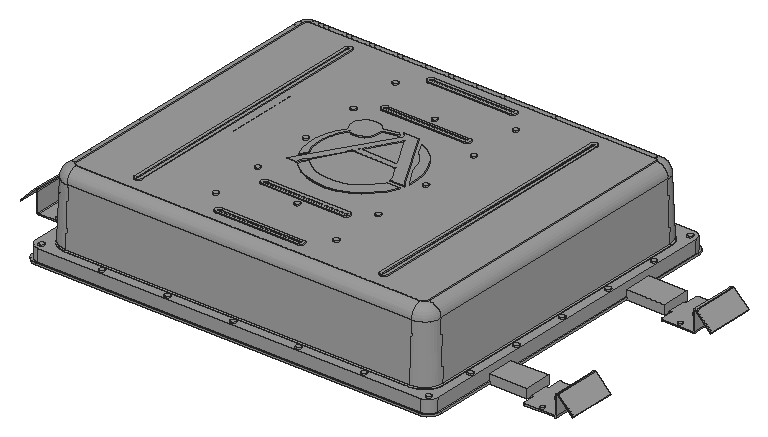
Revit family "Speaker_AtlasIED_SHS-LF", category Electrical Fixtures, host Ceiling, Revit 2022
Family settings
  Host = Ceiling
  Round Connector Dimension = Use Diameter
  Part Type = Normal
  OmniClass Number = 23.80.00.00
  OmniClass Title = Electric Power and Lighting
  Always vertical = Yes
  Cut with Voids When Loaded = No
  Maintain Annotation Orientation = No
  Shared = No
  Room Calculation Point = No
Parameters
  URL = "https://www.atlasied.com/shs-series-overview"
  Model = "SHS-LF"
  Manufacturer = "Atlas Sound"
  Description = "Strategically Hidden Speaker incorporates a radically different waveguide design than any other ceiling speaker."
  Default Elevation = 0.0 mm
Reference planes
  plane 1 "Center (Front/Back)": y = 0
  plane 2 "Ceiling": z = 2438.4
  plane 3 "Center (Left/Right)": x = 0
  plane 4: x = -161.65
  plane 5: x = 161.65
  plane 6: y = -161.65
  plane 7: y = 161.65
  plane 8: y = 211.688
  plane 9: y = -211.688
  plane 10: x = -248.5
  plane 11: x = 248.5
  plane 12: x = 0
  plane 13: x = -273.15
  plane 14: x = 364.5
  plane 15: z = 2450.9
  plane 16: x = 405.61
Forms (mm)
  Extrusion 1, solid, material "Default"
    sketch origin (0, 0, 2450.9) x (1, 0, 0) y (0, 1, 0)
      loop
        circle (0, 0) r 29.121
      loop
        circle (0, 0) r 26.921
    from -16.3 to 0
  Revolve 2, solid, material "Speaker Material"
    sketch origin (0, 0, 2452.703) x (1, 0, 0) y (0, 0, 1)
      loop
        line (0.01, 0) -> (0.01, -28.285) -> (33, -28.285)
        arc (33, -28.285) -> (34.5, -26.785) -> (33, -25.285) r 1.5
        arc (33, -25.285) -> (21.675, -23.967) -> (10.955, -20.083) r 49.313
        arc (10.955, -20.083) -> (10.461, -19.528) -> (10.486, -18.786) r 1
        arc (10.486, -18.786) -> (11.584, -17.689) -> (13.083, -17.287) r 3
        line (13.083, -17.287) -> (33.25, -17.287)
        arc (33.25, -17.287) -> (40.795, -16.362) -> (48.112, -14.303) r 50
        line (48.112, -14.303) -> (33.125, -14.303) -> (33.125, 0) -> (0.01, 0)
      axis (0, 0) -> (0, -28.285)
    angle from 0 to 360
  Sweep 3, solid, material "Default"
    path origin (0, 0, 2450.9) x (1, 0, 0) y (0, 1, 0)
      loop
        line (233.774, -173.485) -> (233.774, 173.485)
        arc (233.774, 173.485) -> (226.891, 190.103) -> (210.272, 196.987) r 23.502
        line (210.272, 196.987) -> (-210.272, 196.987)
        arc (-210.272, 196.987) -> (-226.891, 190.103) -> (-233.774, 173.485) r 23.502
        line (-233.774, 173.485) -> (-233.774, -173.485)
        arc (-233.774, -173.485) -> (-226.891, -190.103) -> (-210.272, -196.987) r 23.502
        line (-210.272, -196.987) -> (210.272, -196.987)
        arc (210.272, -196.987) -> (226.891, -190.103) -> (233.774, -173.485) r 23.502
    profile origin (233.774, 0, 2450.9) x (-1, 0, 0) y (0, 0, 1)
      loop
        line (1.2, 0) -> (1.2, 15.185)
        arc (1.2, 15.185) -> (2.27, 16.152) -> (2.699, 17.529) r 2.733
        line (2.699, 17.529) -> (5.142, 87.509)
        arc (5.142, 87.509) -> (9.022, 96.906) -> (18.413, 100.8) r 13.271
        line (18.413, 100.8) -> (18.413, 102)
        arc (18.413, 102) -> (8.181, 97.762) -> (3.942, 87.529) r 14.471
        line (3.942, 87.529) -> (1.499, 17.571)
        arc (1.499, 17.571) -> (1.044, 16.533) -> (0, 16.092) r 1.533
        line (0, 16.092) -> (0, 0) -> (1.2, 0)
  Extrusion 4, solid, material "Default"
    sketch origin (0, 0, 2450.9) x (1, 0, 0) y (0, 1, 0)
      loop
        arc (-210.272, 178.574) -> (-213.87, 177.083) -> (-215.361, 173.485) r 5.089
        line (-215.361, 173.485) -> (-215.361, -173.485)
        arc (-215.361, -173.485) -> (-213.87, -177.083) -> (-210.272, -178.574) r 5.089
        line (-210.272, -178.574) -> (210.272, -178.574)
        arc (210.272, -178.574) -> (213.87, -177.083) -> (215.361, -173.485) r 5.089
        line (215.361, -173.485) -> (215.361, 173.485)
        arc (215.361, 173.485) -> (213.87, 177.083) -> (210.272, 178.574) r 5.089
        line (210.272, 178.574) -> (-210.272, 178.574)
    from 100.8 to 102
  Extrusion 5, solid, material "Default", detail levels fine
    sketch origin (0, 0, 2450.9) x (1, 0, 0) y (0, 1, 0)
      loop
        line (-1.045, 58.979) -> (-56.588, -34.196) -> (-59.784, -38.52) -> (-63.273, -42.447) -> (-50.835, -42.447)
        arc (-50.835, -42.447) -> (-50.631, -40.426) -> (-50.102, -38.465) r 12.52
        arc (-50.102, -38.465) -> (-48.713, -35.197) -> (-46.958, -32.11) r 30.874
        line (-46.958, -32.11) -> (-23.425, 7.055)
        arc (-23.425, 7.055) -> (-23.06, 7.414) -> (-22.566, 7.551) r 1.023
        line (-22.566, 7.551) -> (30.319, 7.551)
        arc (30.319, 7.551) -> (30.82, 7.417) -> (31.186, 7.051) r 1
        line (31.186, 7.051) -> (36.983, -3.233) -> (40.529, -10.334) -> (41.615, -13.319) -> (41.835, -15.68) -> (59.943, -15.68) -> (58.873, -14.502) -> (58.137, -13.657) -> (54.441, -8.635) -> (12.796, 64.409) -> (-5.185, 64.409) -> (-2.991, 62.56) -> (-1.097, 60.139)
        arc (-1.097, 60.139) -> (-0.886, 59.567) -> (-1.045, 58.979) r 1
      loop
        arc (-19.611, 14.883) -> (-19.618, 13.87) -> (-18.738, 13.37) r 1
        line (-18.738, 13.37) -> (25.803, 13.37)
        arc (25.803, 13.37) -> (26.67, 13.871) -> (26.669, 14.871) r 1
        line (26.669, 14.871) -> (4.746, 52.822)
        arc (4.746, 52.822) -> (3.887, 53.309) -> (3.028, 52.822) r 1
        line (3.028, 52.822) -> (-19.611, 14.883)
      loop
        arc (-53.364, -19.831) -> (-58.748, 7.996) -> (-49.17, 34.67) r 53.53
        arc (-49.17, 34.67) -> (-48.527, 35.079) -> (-47.782, 34.915) r 0.998
        arc (-47.782, 34.915) -> (-30.045, 36.239) -> (-24.174, 53.028) r 16.229
        arc (-24.174, 53.028) -> (-24.086, 53.742) -> (-23.543, 54.214) r 1.004
        arc (-23.543, 54.214) -> (-15.57, 56.422) -> (-7.35, 57.361) r 52.924
        line (-7.35, 57.361) -> (-6.311, 59.364) -> (-9.657, 62.188)
        arc (-9.657, 62.188) -> (-17.722, 60.681) -> (-25.551, 58.225) r 68.884
        arc (-25.551, 58.225) -> (-26.178, 58.192) -> (-26.706, 58.531) r 1.025
        arc (-26.706, 58.531) -> (-49.775, 62.012) -> (-52.486, 38.84) r 16.229
        arc (-52.486, 38.84) -> (-52.274, 38.253) -> (-52.482, 37.665) r 0.928
        arc (-52.482, 37.665) -> (-65.084, 5.3) -> (-58.739, -28.847) r 63.385
        line (-58.739, -28.847) -> (-53.364, -19.831)
      loop
        arc (-46.295, -45.89) -> (12.995, -62.13) -> (58.01, -20.264) r 63.16
        line (58.01, -20.264) -> (42.261, -20.264)
        arc (42.261, -20.264) -> (3.239, -48.951) -> (-42.912, -34.263) r 53.362
        line (-42.912, -34.263) -> (-43.508, -35.333) -> (-45.769, -39.953)
        arc (-45.769, -39.953) -> (-46.162, -41.427) -> (-46.295, -42.947) r 8.782
        line (-46.295, -42.947) -> (-46.295, -45.89)
      loop
        line (21.745, 57.968) -> (29.502, 44.357)
        arc (29.502, 44.357) -> (41.076, 30.339) -> (47.242, 13.239) r 53.084
        line (47.242, 13.239) -> (60.565, -9.055)
        arc (60.565, -9.055) -> (52.612, 31.092) -> (21.745, 57.968) r 63.257
    from 102 to 103.009
  Extrusion 6, solid, material "Default"
    sketch origin (0, 0, 2450.9) x (1, 0, 0) y (0, 1, 0)
      loop
        arc (-245.5, -196.654) -> (-241.995, -205.161) -> (-233.497, -208.688) r 12.003
        line (-233.497, -208.688) -> (233.497, -208.688)
        arc (233.497, -208.688) -> (241.984, -205.172) -> (245.5, -196.685) r 12.003
        line (245.5, -196.685) -> (245.5, 196.685)
        arc (245.5, 196.685) -> (241.995, 205.161) -> (233.528, 208.688) r 12.003
        line (233.528, 208.688) -> (-233.528, 208.688)
        arc (-233.528, 208.688) -> (-242.006, 205.15) -> (-245.5, 196.654) r 12.003
        line (-245.5, 196.654) -> (-245.5, -196.654)
      loop
        arc (-229.832, -173.485) -> (-224.103, -187.316) -> (-210.272, -193.044) r 19.559
        line (-210.272, -193.044) -> (210.272, -193.044)
        arc (210.272, -193.044) -> (224.103, -187.316) -> (229.832, -173.485) r 19.559
        line (229.832, -173.485) -> (229.832, 173.485)
        arc (229.832, 173.485) -> (224.103, 187.316) -> (210.272, 193.044) r 19.559
        line (210.272, 193.044) -> (-210.272, 193.044)
        arc (-210.272, 193.044) -> (-224.103, 187.316) -> (-229.832, 173.485) r 19.559
        line (-229.832, 173.485) -> (-229.832, -173.485)
    from 0 to 16.123
  Extrusion 7, void
    sketch origin (0, 0, 2450.9) x (1, 0, 0) y (0, 1, 0)
      loop
        line (-151.03, 160.032) -> (-151.03, -160.032)
        arc (-151.03, -160.032) -> (-150.03, -161.032) -> (-149.03, -160.032) r 1
        line (-149.03, -160.032) -> (-149.03, 160.032)
        arc (-149.03, 160.032) -> (-150.03, 161.032) -> (-151.03, 160.032) r 1
      loop
        line (-50.01, -163.033) -> (50.01, -163.033)
        arc (50.01, -163.033) -> (51.01, -162.033) -> (50.01, -161.032) r 1
        line (50.01, -161.032) -> (-50.01, -161.032)
        arc (-50.01, -161.032) -> (-51.01, -162.033) -> (-50.01, -163.033) r 1
      loop
        line (-50.01, -93.019) -> (49.99, -93.019)
        arc (49.99, -93.019) -> (50.99, -92.019) -> (49.99, -91.018) r 1
        line (49.99, -91.018) -> (-50.01, -91.018)
        arc (-50.01, -91.018) -> (-51.01, -92.019) -> (-50.01, -93.019) r 1
      loop
        line (149.03, 160.032) -> (149.03, -160.032)
        arc (149.03, -160.032) -> (150.03, -161.032) -> (151.03, -160.032) r 1
        line (151.03, -160.032) -> (151.03, 160.032)
        arc (151.03, 160.032) -> (150.03, 161.032) -> (149.03, 160.032) r 1
      loop
        line (-50.01, 91.018) -> (50.01, 91.018)
        arc (50.01, 91.018) -> (51.01, 92.019) -> (50.01, 93.019) r 1
        line (50.01, 93.019) -> (-50.01, 93.019)
        arc (-50.01, 93.019) -> (-51.01, 92.019) -> (-50.01, 91.018) r 1
      loop
        arc (-50.01, 163.033) -> (-51.01, 162.033) -> (-50.01, 161.032) r 1
        line (-50.01, 161.032) -> (50.01, 161.032)
        arc (50.01, 161.032) -> (51.01, 162.033) -> (50.01, 163.033) r 1
        line (50.01, 163.033) -> (-50.01, 163.033)
    from 95.248 to 115.575
  Extrusion 8, solid, material "Default", detail levels fine
    sketch origin (0, 0, 2450.9) x (1, 0, 0) y (0, 1, 0)
      loop
        arc (-50.01, 163.033) -> (-51.01, 162.033) -> (-50.01, 161.032) r 1
        line (-50.01, 161.032) -> (50.01, 161.032)
        arc (50.01, 161.032) -> (51.01, 162.033) -> (50.01, 163.033) r 1
        line (50.01, 163.033) -> (-50.01, 163.033)
      loop
        arc (50.01, 157.568) -> (54.475, 162.033) -> (50.01, 166.498) r 4.465
        line (50.01, 166.498) -> (-50.01, 166.498)
        arc (-50.01, 166.498) -> (-54.475, 162.033) -> (-50.01, 157.568) r 4.465
        line (-50.01, 157.568) -> (50.01, 157.568)
      loop
        arc (-154.495, -160.025) -> (-150.031, -164.497) -> (-145.565, -160.027) r 4.465
        line (-145.565, -160.027) -> (-145.565, 160.027)
        arc (-145.565, 160.027) -> (-150.031, 164.497) -> (-154.495, 160.025) r 4.465
        line (-154.495, 160.025) -> (-154.495, -160.025)
      loop
        line (-151.03, 160.032) -> (-151.03, -160.032)
        arc (-151.03, -160.032) -> (-150.03, -161.032) -> (-149.03, -160.032) r 1
        line (-149.03, -160.032) -> (-149.03, 160.032)
        arc (-149.03, 160.032) -> (-150.03, 161.032) -> (-151.03, 160.032) r 1
      loop
        line (50.01, 96.484) -> (-50.01, 96.484)
        arc (-50.01, 96.484) -> (-54.475, 92.019) -> (-50.01, 87.554) r 4.465
        line (-50.01, 87.554) -> (50.01, 87.554)
        arc (50.01, 87.554) -> (54.475, 92.019) -> (50.01, 96.484) r 4.465
      loop
        line (-50.01, 91.018) -> (50.01, 91.018)
        arc (50.01, 91.018) -> (51.01, 92.019) -> (50.01, 93.019) r 1
        line (50.01, 93.019) -> (-50.01, 93.019)
        arc (-50.01, 93.019) -> (-51.01, 92.019) -> (-50.01, 91.018) r 1
      loop
        arc (154.495, 160.025) -> (150.031, 164.497) -> (145.565, 160.027) r 4.465
        line (145.565, 160.027) -> (145.565, -160.027)
        arc (145.565, -160.027) -> (150.031, -164.497) -> (154.495, -160.025) r 4.465
        line (154.495, -160.025) -> (154.495, 160.025)
      loop
        line (149.03, 160.032) -> (149.03, -160.032)
        arc (149.03, -160.032) -> (150.03, -161.032) -> (151.03, -160.032) r 1
        line (151.03, -160.032) -> (151.03, 160.032)
        arc (151.03, 160.032) -> (150.03, 161.032) -> (149.03, 160.032) r 1
      loop
        arc (50.01, -166.498) -> (54.475, -162.033) -> (50.01, -157.568) r 4.465
        line (50.01, -157.568) -> (-50.01, -157.568)
        arc (-50.01, -157.568) -> (-54.475, -162.033) -> (-50.01, -166.498) r 4.465
        line (-50.01, -166.498) -> (50.01, -166.498)
      loop
        line (-50.01, -163.033) -> (50.01, -163.033)
        arc (50.01, -163.033) -> (51.01, -162.033) -> (50.01, -161.032) r 1
        line (50.01, -161.032) -> (-50.01, -161.032)
        arc (-50.01, -161.032) -> (-51.01, -162.033) -> (-50.01, -163.033) r 1
      loop
        arc (50.01, -96.484) -> (54.475, -92.019) -> (50.01, -87.554) r 4.465
        line (50.01, -87.554) -> (-50.01, -87.554)
        arc (-50.01, -87.554) -> (-54.475, -92.019) -> (-50.01, -96.484) r 4.465
        line (-50.01, -96.484) -> (50.01, -96.484)
      loop
        line (-50.01, -93.019) -> (49.99, -93.019)
        arc (49.99, -93.019) -> (50.99, -92.019) -> (49.99, -91.018) r 1
        line (49.99, -91.018) -> (-50.01, -91.018)
        arc (-50.01, -91.018) -> (-51.01, -92.019) -> (-50.01, -93.019) r 1
    from 102 to 102.5
  Extrusion 9, solid, material "Default", detail levels fine
    sketch origin (0, 0, 2450.9) x (1, 0, 0) y (0, 1, 0)
      loop
        circle (-73.515, 137.028) r 3.151
      loop
        circle (73.515, 137.028) r 3.151
      loop
        circle (0, 105.021) r 3.151
      loop
        circle (-73.515, 73.015) r 3.151
      loop
        circle (73.515, 73.015) r 3.151
      loop
        circle (-73.515, 0) r 3.151
      loop
        circle (73.515, 0) r 3.151
      loop
        circle (-73.515, -73.015) r 3.151
      loop
        circle (73.515, -73.015) r 3.151
      loop
        circle (0, -105.021) r 3.151
      loop
        circle (-73.515, -137.028) r 3.151
      loop
        circle (73.515, -137.028) r 3.151
    from 102 to 102.5
  Extrusion 10, solid, material "Default", detail levels fine
    sketch origin (7.192, -10.271, 2365.023) x (1, 0, 0) y (0, 1, 0)
      loop
        circle (-243.69, -189.414) r 3.151
      loop
        circle (-167.224, -192.639) r 3.151
      loop
        circle (-87.208, -192.639) r 3.151
      loop
        circle (-7.192, -192.639) r 3.151
      loop
        circle (72.824, -192.639) r 3.151
      loop
        circle (152.84, -192.639) r 3.151
      loop
        circle (229.305, -189.414) r 3.151
      loop
        circle (232.536, -129.757) r 3.151
      loop
        circle (232.536, -59.743) r 3.151
      loop
        circle (232.536, 10.271) r 3.151
      loop
        circle (232.536, 80.285) r 3.151
      loop
        circle (232.536, 150.3) r 3.151
      loop
        circle (229.305, 209.957) r 3.151
      loop
        circle (152.84, 213.182) r 3.151
      loop
        circle (72.824, 213.182) r 3.151
      loop
        circle (-7.192, 213.182) r 3.151
      loop
        circle (-87.208, 213.182) r 3.151
      loop
        circle (-167.224, 213.182) r 3.151
      loop
        circle (-243.69, 209.957) r 3.151
      loop
        circle (-246.92, 150.3) r 3.151
      loop
        circle (-246.92, 80.285) r 3.151
      loop
        circle (-246.92, 10.271) r 3.151
      loop
        circle (-246.92, -59.743) r 3.151
      loop
        circle (-246.92, -129.757) r 3.151
    from 102 to 102.5
  Extrusion 11, solid, material "Default"
    sketch origin (0, 0, 2450.9) x (1, 0, 0) y (0, 1, 0)
      loop
        arc (-233.532, 211.688) -> (-244.13, 207.269) -> (-248.5, 196.65) r 15.003
        line (-248.5, 196.65) -> (-248.5, -196.65)
        arc (-248.5, -196.65) -> (-244.118, -207.281) -> (-233.497, -211.688) r 15.003
        line (-233.497, -211.688) -> (233.497, -211.688)
        arc (233.497, -211.688) -> (244.106, -207.293) -> (248.5, -196.685) r 15.003
        line (248.5, -196.685) -> (248.5, 196.685)
        arc (248.5, 196.685) -> (244.118, 207.281) -> (233.532, 211.688) r 15.003
        line (233.532, 211.688) -> (-233.532, 211.688)
      loop
        circle (0, 0) r 26.949
    from 0 to 1.754
  Extrusion 12, solid, material "Default", detail levels fine
    sketch origin (0, 0, 2450.9) x (1, 0, 0) y (0, 0, 1)
      loop
        line (-314.699, 6.714) -> (-296.6, 24.813)
        arc (-296.6, 24.813) -> (-295.797, 24.972) -> (-295.343, 24.292) r 0.737
        line (-295.343, 24.292) -> (-295.343, 1.571)
        arc (-295.343, 1.571) -> (-294.69, -0.016) -> (-293.106, -0.673) r 2.237
        line (-293.106, -0.673) -> (-252.931, -0.673)
        arc (-252.931, -0.673) -> (-251.349, -0.018) -> (-250.694, 1.564) r 2.237
        arc (-250.694, 1.564) -> (-250.478, 2.085) -> (-249.957, 2.3) r 0.737
        line (-249.957, 2.3) -> (-248.345, 2.3) -> (-248.345, 10.202) -> (-249.193, 10.202) -> (-249.193, 3.666)
        arc (-249.193, 3.666) -> (-251.241, 3.396) -> (-252.194, 1.564) r 2.237
        arc (-252.194, 1.564) -> (-252.41, 1.043) -> (-252.931, 0.827) r 0.737
        line (-252.931, 0.827) -> (-293.106, 0.827)
        arc (-293.106, 0.827) -> (-293.627, 1.043) -> (-293.842, 1.564) r 0.737
        line (-293.842, 1.564) -> (-293.842, 24.285)
        arc (-293.842, 24.285) -> (-295.218, 26.356) -> (-297.657, 25.878) r 2.237
        line (-297.657, 25.878) -> (-315.76, 7.775) -> (-314.699, 6.714)
    from 77.038 to 133.05
  Extrusion 13, solid, material "Default", detail levels fine
    sketch origin (0, 0, 2450.9) x (-1, 0, 0) y (0, 0, -1)
      loop
        line (-248.138, 0.673) -> (-294.126, 0.673) -> (-294.126, -10.202) -> (-248.138, -10.202) -> (-248.138, 0.673)
    from 88.26 to 121.737
  Extrusion 14, solid, material "Default", detail levels fine
    sketch origin (0, 0, 2450.9) x (-1, 0, 0) y (0, 0, -1)
      loop
        line (-359.632, -6.714) -> (-360.692, -7.775) -> (-342.589, -25.878)
        arc (-342.589, -25.878) -> (-340.15, -26.356) -> (-338.775, -24.285) r 2.237
        line (-338.775, -24.285) -> (-338.775, -1.564)
        arc (-338.775, -1.564) -> (-338.559, -1.043) -> (-338.038, -0.827) r 0.737
        line (-338.038, -0.827) -> (-338.038, 0.673)
        arc (-338.038, 0.673) -> (-339.623, 0.016) -> (-340.275, -1.571) r 2.237
        line (-340.275, -1.571) -> (-340.275, -24.292)
        arc (-340.275, -24.292) -> (-340.73, -24.972) -> (-341.533, -24.813) r 0.737
        line (-341.533, -24.813) -> (-359.632, -6.714)
    from 77.038 to 133.461
  Extrusion 15, solid, material "Default", detail levels fine
    sketch origin (0, 210.077, 2450.9) x (1, 0, 0) y (0, 0, 1)
      loop
        line (-314.699, 6.714) -> (-296.6, 24.813)
        arc (-296.6, 24.813) -> (-295.797, 24.972) -> (-295.343, 24.292) r 0.737
        line (-295.343, 24.292) -> (-295.343, 1.571)
        arc (-295.343, 1.571) -> (-294.69, -0.016) -> (-293.106, -0.673) r 2.237
        line (-293.106, -0.673) -> (-252.931, -0.673)
        arc (-252.931, -0.673) -> (-251.349, -0.018) -> (-250.694, 1.564) r 2.237
        arc (-250.694, 1.564) -> (-250.478, 2.085) -> (-249.957, 2.3) r 0.737
        line (-249.957, 2.3) -> (-248.345, 2.3) -> (-248.345, 10.202) -> (-249.193, 10.202) -> (-249.193, 3.666)
        arc (-249.193, 3.666) -> (-251.241, 3.396) -> (-252.194, 1.564) r 2.237
        arc (-252.194, 1.564) -> (-252.41, 1.043) -> (-252.931, 0.827) r 0.737
        line (-252.931, 0.827) -> (-293.106, 0.827)
        arc (-293.106, 0.827) -> (-293.627, 1.043) -> (-293.842, 1.564) r 0.737
        line (-293.842, 1.564) -> (-293.842, 24.285)
        arc (-293.842, 24.285) -> (-295.218, 26.356) -> (-297.657, 25.878) r 2.237
        line (-297.657, 25.878) -> (-315.76, 7.775) -> (-314.699, 6.714)
    from 77.038 to 133.05
  Extrusion 16, solid, material "Default", detail levels fine
    sketch origin (-30.97, -34.118, 2349.727) x (1, 0, 0) y (0, 1, 0)
      loop
        circle (-242.18, -93.931) r 2.375
      loop
        circle (-242.18, -70.926) r 2.375
      loop
        circle (-242.18, -47.922) r 2.375
      loop
        circle (-242.18, 116.157) r 2.375
      loop
        circle (-242.18, 139.162) r 2.375
      loop
        circle (-242.18, 162.166) r 2.375
      loop
        circle (349.053, 162.166) r 2.375
      loop
        circle (349.053, 139.162) r 2.375
      loop
        circle (349.053, 116.157) r 2.375
      loop
        circle (349.053, -93.931) r 2.375
      loop
        circle (349.053, -70.926) r 2.375
      loop
        circle (349.053, -47.922) r 2.375
    from 102 to 102.5
  Extrusion 17, solid, material "Default", detail levels fine
    sketch origin (0, 0, 2450.9) x (1, 0, 0) y (0, 1, 0)
      loop
        line (298.127, -80.048) -> (298.127, -93.842) -> (294.126, -93.842) -> (294.126, -116.246) -> (298.127, -116.246) -> (298.127, -130.058)
        arc (298.127, -130.058) -> (299.009, -132.174) -> (301.127, -133.05) r 3.001
        line (301.127, -133.05) -> (338.038, -133.05) -> (338.038, -77.038) -> (301.131, -77.038)
        arc (301.131, -77.038) -> (299.004, -77.919) -> (298.127, -80.048) r 3.001
    from -0.673 to 0.827
  Extrusion 18, solid, material "Default", detail levels fine
    sketch origin (0, 210.077, 2450.9) x (-1, 0, 0) y (0, 0, -1)
      loop
        line (-359.632, -6.714) -> (-360.692, -7.775) -> (-342.589, -25.878)
        arc (-342.589, -25.878) -> (-340.15, -26.356) -> (-338.775, -24.285) r 2.237
        line (-338.775, -24.285) -> (-338.775, -1.564)
        arc (-338.775, -1.564) -> (-338.559, -1.043) -> (-338.038, -0.827) r 0.737
        line (-338.038, -0.827) -> (-338.038, 0.673)
        arc (-338.038, 0.673) -> (-339.623, 0.016) -> (-340.275, -1.571) r 2.237
        line (-340.275, -1.571) -> (-340.275, -24.292)
        arc (-340.275, -24.292) -> (-340.73, -24.972) -> (-341.533, -24.813) r 0.737
        line (-341.533, -24.813) -> (-359.632, -6.714)
    from 77.038 to 133.461
  Extrusion 19, solid, material "Default", detail levels fine
    sketch origin (0, 210.077, 2450.9) x (1, 0, 0) y (0, 1, 0)
      loop
        line (298.127, -80.048) -> (298.127, -93.842) -> (294.126, -93.842) -> (294.126, -116.246) -> (298.127, -116.246) -> (298.127, -130.058)
        arc (298.127, -130.058) -> (299.009, -132.174) -> (301.127, -133.05) r 3.001
        line (301.127, -133.05) -> (338.038, -133.05) -> (338.038, -77.038) -> (301.131, -77.038)
        arc (301.131, -77.038) -> (299.004, -77.919) -> (298.127, -80.048) r 3.001
    from -0.673 to 0.827
  Extrusion 20, solid, material "Default", detail levels fine
    sketch origin (0, 210.077, 2450.9) x (-1, 0, 0) y (0, 0, -1)
      loop
        line (-248.138, 0.673) -> (-294.126, 0.673) -> (-294.126, -10.202) -> (-248.138, -10.202) -> (-248.138, 0.673)
    from 88.26 to 121.737
  Extrusion 21, solid, material "Default"
    sketch origin (0, 0, 2348.4) x (1, 0, 0) y (0, 1, 0)
      loop
        line (-193.061, 154.809) -> (-190.442, 155.718) -> (-189.92, 158.44) -> (-192.016, 160.254) -> (-194.635, 159.345) -> (-195.157, 156.623) -> (-193.061, 154.809)
      loop
        circle (-192.539, 157.532) r 2.095
      loop
        line (-193.061, 49.793) -> (-190.442, 50.702) -> (-189.92, 53.424) -> (-192.016, 55.238) -> (-194.635, 54.329) -> (-195.157, 51.607) -> (-193.061, 49.793)
      loop
        circle (-192.539, 52.516) r 2.095
      loop
        line (-193.061, -55.233) -> (-190.442, -54.324) -> (-189.92, -51.602) -> (-192.016, -49.788) -> (-194.635, -50.697) -> (-195.157, -53.419) -> (-193.061, -55.233)
      loop
        circle (-192.539, -52.511) r 2.095
      loop
        line (-193.061, -160.254) -> (-190.442, -159.345) -> (-189.92, -156.623) -> (-192.016, -154.81) -> (-194.635, -155.718) -> (-195.157, -158.44) -> (-193.061, -160.254)
      loop
        circle (-192.539, -157.532) r 2.095
      loop
        line (193.061, 154.809) -> (195.157, 156.623) -> (194.635, 159.345) -> (192.016, 160.254) -> (189.92, 158.44) -> (190.442, 155.718) -> (193.061, 154.809)
      loop
        circle (192.539, 157.532) r 2.095
      loop
        line (193.061, 49.793) -> (195.157, 51.607) -> (194.635, 54.329) -> (192.016, 55.238) -> (189.92, 53.424) -> (190.442, 50.702) -> (193.061, 49.793)
      loop
        circle (192.539, 52.516) r 2.095
      loop
        line (193.061, -55.233) -> (195.157, -53.419) -> (194.635, -50.697) -> (192.016, -49.788) -> (189.92, -51.602) -> (190.442, -54.324) -> (193.061, -55.233)
      loop
        circle (192.539, -52.511) r 2.095
      loop
        line (193.061, -160.254) -> (195.157, -158.44) -> (194.635, -155.718) -> (192.016, -154.81) -> (189.92, -156.623) -> (190.442, -159.345) -> (193.061, -160.254)
      loop
        circle (192.539, -157.532) r 2.095
      loop
        line (-18.026, 154.809) -> (-15.407, 155.718) -> (-14.885, 158.44) -> (-16.981, 160.254) -> (-19.6, 159.345) -> (-20.122, 156.623) -> (-18.026, 154.809)
      loop
        circle (-17.504, 157.532) r 2.095
      loop
        line (16.981, 84.795) -> (19.6, 85.704) -> (20.122, 88.426) -> (18.026, 90.24) -> (15.407, 89.331) -> (14.885, 86.609) -> (16.981, 84.795)
      loop
        circle (17.504, 87.518) r 2.095
      loop
        line (-18.026, -90.24) -> (-15.407, -89.331) -> (-14.885, -86.609) -> (-16.981, -84.795) -> (-19.6, -85.704) -> (-20.122, -88.426) -> (-18.026, -90.24)
      loop
        circle (-17.504, -87.518) r 2.095
      loop
        line (16.981, -160.254) -> (19.6, -159.345) -> (20.122, -156.623) -> (18.026, -154.81) -> (15.407, -155.718) -> (14.885, -158.44) -> (16.981, -160.254)
      loop
        circle (17.504, -157.532) r 2.095
      loop
        circle (-184.577, 0) r 3.571
      loop
        line (-189.097, 0.616) -> (-187.371, -3.607) -> (-182.85, -4.223) -> (-180.057, -0.616) -> (-181.784, 3.607) -> (-186.304, 4.223) -> (-189.097, 0.616)
      loop
        circle (-93.3, 0) r 3.571
      loop
        line (-97.821, 0.616) -> (-96.094, -3.607) -> (-91.574, -4.223) -> (-88.78, -0.616) -> (-90.507, 3.607) -> (-95.027, 4.223) -> (-97.821, 0.616)
      loop
        circle (93.359, 0) r 3.571
      loop
        line (88.839, 0.616) -> (90.565, -3.607) -> (95.086, -4.223) -> (97.879, -0.616) -> (96.152, 3.607) -> (91.632, 4.223) -> (88.839, 0.616)
      loop
        circle (184.577, 0) r 3.571
      loop
        line (180.057, 0.616) -> (181.784, -3.607) -> (186.304, -4.223) -> (189.097, -0.616) -> (187.371, 3.607) -> (182.85, 4.223) -> (180.057, 0.616)
      loop
        arc (-45.509, -40.508) -> (-44.044, -44.044) -> (-40.508, -45.509) r 5.001
        line (-40.508, -45.509) -> (40.508, -45.509)
        arc (40.508, -45.509) -> (44.044, -44.044) -> (45.509, -40.508) r 5.001
        line (45.509, -40.508) -> (45.509, 40.508)
        arc (45.509, 40.508) -> (44.044, 44.044) -> (40.508, 45.509) r 5.001
        line (40.508, 45.509) -> (-40.508, 45.509)
        arc (-40.508, 45.509) -> (-44.044, 44.044) -> (-45.509, 40.508) r 5.001
        line (-45.509, 40.508) -> (-45.509, -40.508)
      loop
        circle (-38.899, 38.899) r 4.001
      loop
        circle (-38.899, -38.899) r 4.001
      loop
        circle (38.899, -38.899) r 4.001
      loop
        circle (38.899, 38.899) r 4.001
      loop
        circle (0, 0) r 29.121
    from 102 to 102.5
  Extrusion 22, solid, material "Default"
    sketch origin (0, 0, 2450.9) x (1, 0, 0) y (0, 1, 0)
      loop
        circle (0, 0) r 29.121
      loop
        circle (0, 0) r 26.921
    from -16.3 to 0
Cuts and joins
  Extrusion 7 cuts Extrusion 4
  Extrusion 7 cuts Extrusion 8
Dimensions and locks
  equal spacing: host sketch curve, plane 3 "Center (Left/Right)", host sketch curve
  equal spacing: host sketch curve, plane 1 "Center (Front/Back)", host sketch curve
  host sketch curve to host sketch curve = 137.0 mm
  host sketch curve to host sketch curve = 133.375 mm
  plane 10 to plane 11 = 497.0 mm
  plane 8 to plane 9 = 423.375 mm
